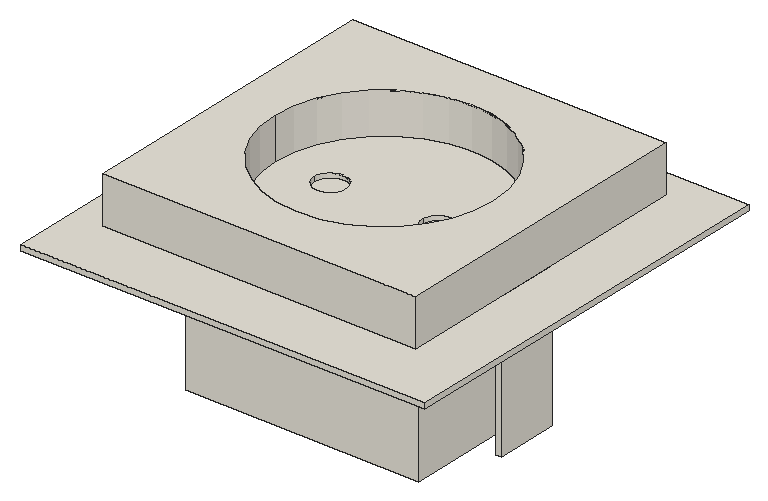
Revit family "Gira_277803", category Electrical Fixtures, host Face, Revit 2017
Family settings
  Host = Face
  Maintain Annotation Orientation = Yes
  Round Connector Dimension = Use Diameter
  Part Type = Normal
  Cut with Voids When Loaded = No
  Shared = No
  Room Calculation Point = No
Parameters (values of type "Sock.BS 13 A switched + SH System 55 p.white")
  With signal lamp = "No"
  With orientation lighting = "No"
  With on/off switch = "Yes"
  With miniature fuse = "No"
  With loop through function = "No"
  With hinged lid = "No"
  With function lighting = "No"
  With child-protection = "Yes"
  With built-in USB power supply = "No"
  URL = "http://katalog.gira.de/en/datenblatt.html?artikelnr=277803"
  Type of fastening = "Mounting with screw"
  Transparent = "No"
  Surface protection = "Other"
  Surface finishing = "Glossy"
  Suitable for degree of protection (IP) = "IP20"
  Special power supply = "No special power supply"
  Rotated central insert = "No"
  RAL-number (akin) = "9010"
  Protective earth pin round = "No"
  Protective contact = "No"
  Over voltage protection = "No"
  Number of units = "1"
  Number of socket outlets switchable = "1"
  Number of modules (module system) = "1"
  Nominal voltage = "250"
  Nominal current = "13"
  Name = "Sock.BS 13 A switched + SH System 55 p.white"
  Mounting method = "Flush mounted (plaster)"
  Model = "British Standard"
  Material quality = "Thermoplastic"
  Material = "Plastic"
  Manufacturer URL = "https://www.gira.de/"
  Manufacturer = "Gira"
  Lockable = "No"
  Label space/information surface = "No"
  Insulated mounting = "No"
  Imprint/indication = "Without imprint"
  HeinzeBIM = "https://bimportal.heinze.de/bim/sock-bs-13-a-switched-sh-system-55-p-white/b4911e031992ce92d90a3da3e09cadf088a95f2f"
  Halogen free = "Yes"
  HAN = "277803"
  GTIN = "4010337079484"
  Für "erschwerte Bedingungen" (nach VDE) (*de-DE) = "No"
  Fault current protection = "No"
  Eject-mechanism = "No"
  Description = "Sock.BS13A swt.SH Sys55 PW,Socket outlet British Standard (BS 1363-2) 13 A 250 V~ switched, with shutter,System 55, Support ring 71 x 71 mm,pure white glossy,Features:,- With screw terminals.,- For screw mounting only."
  Default Elevation = 1219.2 mm
  Data sheet (1) = "https://katalog.gira.de/en/download.html?artikelnr=277803"
  Cremeweiß glänzend = Cremeweiß glänzend
  Connection type = "Screwed terminal"
  Colour = "White"
  Category = "Socket outlet"
  BIM (1) = "https://media.stage.bim.site/public/gira/36a6b08/SYS55_Steckdose.rfa"
  Available = "No"
  Antibacterial treatment = "No"
Reference planes
  plane 1 "Center (Front/Back)": y = 0
  plane 2 "Reference Level 0": z = 0
  plane 3 "Center (Left/Right)": x = 0
  plane 4: x = 9.5
  plane 5: x = -9.5
  plane 6: x = 9.5
  plane 7: x = -9.5
  plane 8: x = 9.5
  plane 9: x = -9.5
  plane 10: x = 17.5
  plane 11 "Reference Level 1": z = 8.2
Forms (mm)
  Extrusion 1, solid, material "Cremeweiß glänzend" <- "Cremeweiß glänzend", detail levels coarse
    sketch origin (0, 0, 0) x (1, 0, 0) y (0, 1, 0)
      loop
        line (-35.5, 35.5) -> (-35.5, -35.5) -> (35.5, -35.5) -> (35.5, 35.5) -> (-35.5, 35.5)
    from -27.5 to 8.2
  Extrusion 2, solid, material "Cremeweiß glänzend" <- "Cremeweiß glänzend", detail levels medium+fine
    sketch origin (0, 0, 0) x (1, 0, 0) y (0, 1, 0)
      loop
        line (-35.5, 35.5) -> (-35.5, -35.5) -> (35.5, -35.5) -> (35.5, 35.5) -> (-35.5, 35.5)
    from -2.2 to -3.2
  Extrusion 3, solid, material "Cremeweiß glänzend" <- "Cremeweiß glänzend", detail levels medium+fine
    sketch origin (0, 0, 0) x (1, 0, 0) y (0, 1, 0)
      loop
        line (-27.5, 27.5) -> (-27.5, -27.5) -> (27.5, -27.5) -> (27.5, 27.5) -> (-27.5, 27.5)
      loop
        circle (0, 0) r 19.2
    from 0 to 8.2
  Extrusion 4, solid, material "Cremeweiß glänzend" <- "Cremeweiß glänzend", detail levels fine
    sketch origin (0, 0, 0) x (1, 0, 0) y (0, 1, 0)
      loop
        circle (0, 0) r 19.2
      loop
        circle (9.5, 0) r 2.8
      loop
        circle (-9.5, 0) r 2.8
    from 0 to 1
  Extrusion 5, solid, material "Cremeweiß glänzend" <- "Cremeweiß glänzend", detail levels fine
    sketch origin (0, 0, 0) x (1, 0, 0) y (0, 1, 0)
      loop
        circle (-9.5, 0) r 2.8
      loop
        circle (9.5, 0) r 2.8
    from -2.2 to 0.3
  Extrusion 6, solid, material "Cremeweiß glänzend" <- "Cremeweiß glänzend", detail levels medium
    sketch origin (0, 0, 0) x (1, 0, 0) y (0, 1, 0)
      loop
        circle (0, 0) r 19.2
      loop
        circle (9.5, 0) r 2.8
      loop
        circle (-9.5, 0) r 2.8
    from 7.2 to 8.2
  Extrusion 7, solid, material "Cremeweiß glänzend" <- "Cremeweiß glänzend", detail levels medium
    sketch origin (0, 0, 0) x (1, 0, 0) y (0, 1, 0)
      loop
        circle (-9.5, 0) r 2.8
      loop
        circle (9.5, 0) r 2.8
    from 7.2 to 8.2
  Extrusion 8, solid, material "Cremeweiß glänzend" <- "Cremeweiß glänzend", detail levels medium+fine
    sketch origin (0, 0, 0) x (1, 0, 0) y (0, 1, 0)
      loop
        line (-20.5, 9) -> (-20.5, -18) -> (20.5, -18) -> (20.5, 9) -> (17.5, 9) -> (3, 21) -> (3, 24) -> (-3, 24) -> (-3, 21) -> (-17.5, 9) -> (-20.5, 9)
    from 0 to -27.5
  Extrusion 9, solid, material "Cremeweiß glänzend" <- "Cremeweiß glänzend", detail levels medium+fine
    sketch origin (0, 0, 0) x (1, 0, 0) y (0, 1, 0)
      loop
        line (-25, 5.5) -> (-25, -5.5) -> (-24, -5.5) -> (-24, 5.5) -> (-25, 5.5)
    from 0 to -27.5
  Extrusion 10, solid, material "Cremeweiß glänzend" <- "Cremeweiß glänzend", detail levels medium+fine
    sketch origin (0, 0, 0) x (-1, 0, 0) y (0, -1, 0)
      loop
        line (-25, 5.5) -> (-25, -5.5) -> (-24, -5.5) -> (-24, 5.5) -> (-25, 5.5)
    from 0 to -27.5
Dimensions and locks
  aligned and locked: plane 2 "Reference Level 0" to host face
  aligned and locked: level to host face
  aligned and locked: plane 3 "Center (Left/Right)" to nested 1
  aligned and locked: plane 1 "Center (Front/Back)" to nested 1
Nested families
  nested 1: "Steckdose 1-fach Beschriftung" at (0, 0, 0), type "Steckdose 1-fach Beschriftung"
Connectors
  electrical at (0, 9, -27.5)
    settings: on Extrusion 8, index 1, voltage 220 V, apparent load 0 VA, apparent load phase1 0 VA, apparent load phase2 0 VA, apparent load phase3 0 VA, power factor 1, load classification "Other", number of poles 1, system type 31, power factor state 1, is connector primary yes, connector utility no, sub classification motor no, connector description ""
Definition of nested family "Steckdose 1-fach Beschriftung"
  Reference planes
    plane 1: y = 0
    plane 2: x = 0
  Lines and regions (mm)
    detail lines
      curve 1: line (0, 0, 0) -> (0, 2, 0)
      curve 3: line (0, 2, 0) -> (-1, 2, 0)
      curve 4: arc (1, 3, 0) -> (0, 2, 0) -> (-1, 3, 0) r 1
      curve 5: line (0, 2, 0) -> (1, 2, 0)
    reference lines
      curve 2: line (-0.485, 3, 0) -> (2.315, 3, 0)
  Dimensions and locks
    curve 1 to curve 1 = 2 mm
    plane 1 to curve 2 = 3 mm
    curve 3 to curve 3 = 1 mm
